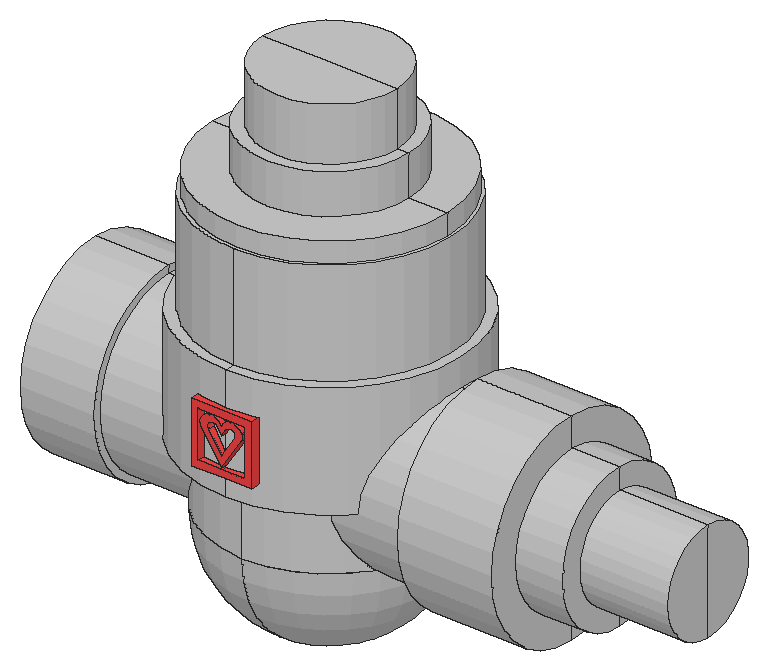
Revit family "RL-1-E Return Valve Straight Model 3723", category Rohrzubehör, Revit 2018
Family settings
  Bemaßung runder Anschluss = Durchmesser verwenden
  Teiletyp = Unterbricht
  OmniClass-Nummer = 23.65.55.14
  OmniClass-Titel = Valves for Liquid Services
  Arbeitsebenenbasiert = Nein
  Immer vertikal = Nein
  Beim Laden mit Abzugskörper schneiden = Nein
  Gemeinsam genutzt = Nein
Parameters
  URL = "www.herzvalves.com"
  SCRNSEQ = "ARM;ARM_TYP=\"ALLF\";2"
  SCRNCODE = "05;01;02"  # constant formula
  S04 = 45.000 mm  # constant formula
  S03 = 61.000 mm  # constant formula
  S02 [instance] = L05 + L06 + L07  # 56.300 mm
  S01 = 10.000 mm  # constant formula
  R06 = 10.000 mm  # constant formula
  R05 = 11.750 mm  # constant formula
  R04 = 17.500 mm  # constant formula
  R03 = 16.500 mm  # constant formula
  R02 = 19.500 mm  # constant formula
  R01 = 18.000 mm  # constant formula
  Part number [instance] = size_lookup("3723_1E_", "Artnr", 0, Nennweite)  # 1372301
  Nennweite [instance] = 15.000 mm
  Model = "Standard models with nickel-plated threaded sockets."
  Medium = "Hot water purity according to ÖNORM H 5195 and/or VDI guideline 2035"
  Max. operating temperature = 110 °C  # constant formula
  Max. operating pressure = 1000000.0 Pa  # constant formula
  LO1 = 3.000 mm  # constant formula
  LO2 = 19.500 mm  # constant formula
  L07 [instance] = size_lookup("3723_1E_", "L7", 1.000 mm, Nennweite)  # 20.300 mm
  L06 [instance] = size_lookup("3723_1E_", "L6", 1.000 mm, Nennweite)  # 14.000 mm
  L05 [instance] = L02 - L04  # 22.000 mm
  L04 [instance] = size_lookup("3723_1E_", "L4", 1.000 mm, Nennweite)  # 11.000 mm
  L03 [instance] = size_lookup("3723_1E_", "L3", 1.000 mm, Nennweite)  # 11.000 mm
  L02 [instance] = size_lookup("3723_1E_", "L2", 1.000 mm, Nennweite)  # 33.000 mm
  L01 [instance] = size_lookup("3723_1E_", "L1", 1.000 mm, Nennweite)  # 35.000 mm
  Hersteller = "HERZ Armaturen Ges.m.b.H."  # constant formula
  H6 = 8.000 mm  # constant formula
  H07 = 14.000 mm  # constant formula
  H05 = 17.000 mm  # constant formula
  H04 [instance] = H02 - H03  # 17.000 mm
  H03 = 15.500 mm  # constant formula
  H02 [instance] = 32.500 mm  # constant formula
  H01 [instance] = 26.000 mm  # constant formula
  GTI [instance] = size_lookup("3723_1E_", "GT1", 1.000 mm, Nennweite)  # 13.200 mm
  GT [instance] = size_lookup("3723_1E_", "GT", 1.000 mm, Nennweite)  # 12.000 mm
  G2 [instance] = Nennweite / 2  # 7.500 mm
  G1 [instance] = Nennweite / 2  # 7.500 mm
  D05 [instance] = size_lookup("3723_1E_", "D5", 1.000 mm, Nennweite)  # 10.650 mm
  D04 [instance] = size_lookup("3723_1E_", "D4", 1.000 mm, Nennweite)  # 15.000 mm
  D03 [instance] = size_lookup("3723_1E_", "D3", 1.000 mm, Nennweite)  # 9.525 mm
  D02 [instance] = size_lookup("3723_1E_", "D2", 1.000 mm, Nennweite)  # 13.000 mm
  D01 [instance] = size_lookup("3723_1E_", "D1", 1.000 mm, Nennweite)  # 14.000 mm
  Body = "nickel-plated"  # constant formula
  Application = "Water Heating Systems\r\nInstallation of the return valve permits shutting off the return connection of the radiator.\r\nWhen the intake valve is shut at the same time, the radiator can be removed while the system is under pressure."
Reference planes
  plane 1 "Mitte (Vorne/hinten)": y = 0
  plane 2: z = 0
  plane 3 "Mitte (Links/rechts)": x = 0
Forms (mm)
  Revolve 1, solid, material "Messing, weicher Gelbton, geschweißt", detail levels fine
    sketch origin (0, 0, 0) x (1, 0, 0) y (0, 0, 1)
      loop
        line (-23, 0) -> (33, 0) -> (33, 9.525) -> (22, 9.525) -> (22, 13) -> (-24, 13) -> (-24, 14) -> (-35, 14) -> (-35, 7.5) -> (-23, 7.5) -> (-23, 0)
      axis (-35, 0) -> (33, 0)
    angle from 0 to 360
  Revolve 2, solid, material "Messing, weicher Gelbton, geschweißt", detail levels fine
    sketch origin (0, 0, 0) x (0, 1, 0) y (0, 0, 1)
      loop
        line (0, 32.5) -> (-18, 32.5) -> (-18, 17) -> (-19.5, 17) -> (-19.5, 0) -> (-16.5, 0) -> (-16.5, -9.5)
        arc (-16.5, -9.5) -> (-11.667, -21.167) -> (0, -26) r 16.5
        line (0, -26) -> (0, 32.5)
      axis (0, -26) -> (0, 32.5)
    angle from 0 to 360
  Revolve 3, solid, material "Messing, weicher Gelbton, geschweißt", detail levels fine
    sketch origin (0, 0, 0) x (1, 0, 0) y (0, 0, 1)
      loop
        line (33, 0) -> (56.3, 0) -> (56.3, 7.5) -> (43.1, 7.5) -> (43.1, 10.65) -> (36, 10.65) -> (36, 15) -> (22, 15) -> (22, 9.525) -> (33, 9.525) -> (33, 0)
      axis (22, 0) -> (56.3, 0)
    angle from 0 to 360
  Revolve 4, solid, material "Messing, weicher Gelbton, geschweißt", detail levels medium+fine
    sketch origin (0, 0, 0) x (1, 0, 0) y (0, 0, 1)
      loop
        line (0, 32.5) -> (0, 49.5) -> (-10, 49.5) -> (-10, 41.5) -> (-11.75, 41.5) -> (-11.75, 35.5) -> (-17.5, 35.5) -> (-17.5, 32.5) -> (0, 32.5)
      axis (0, 49.5) -> (0, 32.5)
    angle from 0 to 360
Lines and regions (mm)
  model lines, detail levels coarse+medium
    curve 1: line (-35, 0, 14) -> (-35, 0, -14)
    curve 2: line (-35, 0, -14) -> (35, 0, 14)
    curve 3: line (35, 0, 14) -> (35, 0, -14)
    curve 4: line (35, 0, -14) -> (-35, 0, 14)
    curve 5: line (35, 0, 14) -> (45, 0, 14)
    curve 6: line (45, 0, 14) -> (35, 0, 0)
    curve 7: line (35, 0, -14) -> (45, 0, -14)
    curve 8: line (45, 0, -14) -> (35, 0, 0)
    curve 9: line (35, 0, 0) -> (56.3, 0, 0)
    curve 10: line (-35, 14, 0) -> (-35, -14, 0)
    curve 11: line (-35, -14, 0) -> (35, 14, 0)
    curve 12: line (35, 14, 0) -> (35, -14, 0)
    curve 13: line (35, -14, 0) -> (-35, 14, 0)
    curve 14: line (35, 14, 0) -> (45, 14, 0)
    curve 15: line (45, 14, 0) -> (35, 0, 0)
    curve 16: line (35, -14, 0) -> (45, -14, 0)
    curve 17: line (45, -14, 0) -> (35, 0, 0)
Dimensions and locks
  "L01": Revolve 1 sketch curve to plane 3 "Mitte (Links/rechts)"
  "L02": Revolve 1 sketch curve to plane 3 "Mitte (Links/rechts)"
  "G1": Revolve 1 sketch curve to plane 2
  "GT": Revolve 1 sketch curve to Revolve 1 sketch curve
  "D01": Revolve 1 sketch curve to Revolve 1 sketch curve
  "D02": Revolve 1 sketch curve to Revolve 1 sketch curve
  "D03": Revolve 1 sketch curve to Revolve 1 sketch curve
  "L03": Revolve 1 sketch curve to Revolve 1 sketch curve
  "L04": Revolve 1 sketch curve to Revolve 1 sketch curve
  "H02": Revolve 2 sketch curve to plane 2
  "D03": Revolve 3 sketch curve to plane 2
  "L04": Revolve 3 sketch curve to Revolve 3 sketch curve
  "L05": Revolve 3 sketch curve to plane 3 "Mitte (Links/rechts)"
  "L06": Revolve 3 sketch curve to Revolve 3 sketch curve
  "L07": Revolve 3 sketch curve to Revolve 3 sketch curve
  "D04": Revolve 3 sketch curve to Revolve 3 sketch curve
  "G2": Revolve 3 sketch curve to Revolve 3 sketch curve
  "D05": Revolve 3 sketch curve to Revolve 3 sketch curve
  "GTI": Revolve 3 sketch curve to Revolve 3 sketch curve
  "LO1": nested 1 to plane 2
  "D01": curve 4 to plane 2 to curve 2
  "D01": curve 3 to plane 2 to curve 4
  "L01": curve 1 to plane 3 "Mitte (Links/rechts)" to curve 3
  "S01": curve 3 to curve 6
  "S02": curve 9 to plane 3 "Mitte (Links/rechts)"
  "L01": curve 10 to plane 3 "Mitte (Links/rechts)" to curve 12
  "D01": curve 11 to plane 1 "Mitte (Vorne/hinten)" to curve 13
  "D01": curve 13 to plane 1 "Mitte (Vorne/hinten)" to curve 12
  "S01": curve 12 to curve 15
  "S01": curve 12 to curve 17
  "H03": Revolve 2 sketch curve to Revolve 2 sketch curve
  "R02": Revolve 2 sketch curve to Revolve 2 sketch curve
  "R01": Revolve 2 sketch curve to Revolve 2 sketch curve
  "H04": Revolve 2 sketch curve to Revolve 2 sketch curve
  "H01": plane 2 to Revolve 2 sketch curve
  "LO2": nested 1 to plane 1 "Mitte (Vorne/hinten)"
  "H05": Revolve 4 sketch curve to Revolve 2
  "H02": Revolve 4 sketch curve to plane 2
  "H6": Revolve 4 sketch curve to Revolve 4 sketch curve
  "H07": Revolve 4 sketch curve to Revolve 4 sketch curve
  "R06": Revolve 4 sketch curve to Revolve 4 sketch curve
  "R05": Revolve 4 sketch curve to Revolve 4 sketch curve
  "R04": Revolve 4 sketch curve to Revolve 4 sketch curve
  "R03": radius of Revolve 2 sketch curve
  aligned and locked: level to plane 2
Automatic sketch dimensions
  curve 9 to level = 0.000 mm
  curve 3 to curve 8 = 10.000 mm
  plane 1 "Mitte (Vorne/hinten)" to curve 17 = 0.000 mm
  Revolve 1 sketch curve to level = 0.000 mm  (x2)
  Revolve 1 sketch curve to Revolve 1 sketch curve = 1436.530 mm
  Revolve 1 sketch curve to Revolve 1 sketch curve = 1779.148 mm
  Revolve 2 sketch curve to plane 1 "Mitte (Vorne/hinten)" = 0.000 mm  (x2)
  Revolve 2 sketch curve to Revolve 2 sketch curve = 0.000 mm
  Revolve 2 sketch curve to Revolve 2 sketch curve = 1236.335 mm
  Revolve 3 sketch curve to level = 0.000 mm  (x2)
  Revolve 3 sketch curve to plane 3 "Mitte (Links/rechts)" = 1506.530 mm
  Revolve 3 sketch curve to Revolve 3 sketch curve = 1789.648 mm
  Revolve 4 sketch curve to plane 3 "Mitte (Links/rechts)" = 0.000 mm  (x2)
  Revolve 4 sketch curve to level = 366.045 mm
  Revolve 4 sketch curve to Revolve 4 sketch curve = 2164.815 mm
Nested families
  nested 1: "Herz-Logo-vorne" at (0, -19.5, 7.5) x (0, 1, 0) z (0, 0, 1), type "Herz-Logo-vorne", detail levels fine
Connectors
  piping at (-23, 0, 0), diameter 15, driven by "Nennweite"
    settings: on Revolve 1, index 1, connector inside diameter 609.6 mm, connector length 0.000 mm, flow factor 0, pipe flow 0.0 L/s, pressure drop 0.0 Pa, fitting loss kfactor 0, connector angle 0.00°, fixture units 0, engagement length 0.000 mm, angle of deflection 0.00°, flow configuration 0, flow direction 1, fitting loss method 0, system type 8, joint type 0, gender type 0, connector reference index -1, connector utility 0, adjustable connector no, is connector primary yes, connector description ""
  piping at (56.3, 0, 0), diameter 15, driven by "Nennweite"
    settings: on Revolve 3, index 2, connector inside diameter 609.6 mm, connector length 0.000 mm, flow factor 0, pipe flow 0.0 L/s, pressure drop 0.0 Pa, fitting loss kfactor 0, connector angle 0.00°, fixture units 0, engagement length 0.000 mm, angle of deflection 0.00°, flow configuration 0, flow direction 2, fitting loss method 0, system type 8, joint type 0, gender type 0, connector reference index -1, connector utility 0, adjustable connector no, is connector primary no, connector description ""
Definition of nested family "Herz-Logo-vorne"
  Reference planes
    plane 1 "Mitte (Vorne/hinten)": y = 0
    plane 2: z = 0
    plane 3 "Mitte (Links/rechts)": x = 0
  Forms (mm)
    Extrusion 1, solid
      sketch origin (0.732, -0.018, 0.017) x (0, -1, 0) y (0, 0, 1)
        loop
          line (-0.018, -4.517) -> (4.482, -4.517) -> (4.482, 4.483) -> (-4.518, 4.483) -> (-4.518, -4.517) -> (-0.018, -4.517)
        loop
          line (-0.05, -3.48) -> (3.482, -3.48) -> (3.482, 3.483) -> (-3.518, 3.483) -> (-3.518, -3.48) -> (-0.05, -3.48)
        loop
          arc (-0.018, 2.383) -> (-1.543, 3.287) -> (-3.067, 2.383) r 1.738
          arc (-3.067, 2.383) -> (-3.191, 1.899) -> (-3.067, 1.415) r 1.009
          line (-3.067, 1.415) -> (-0.018, -3.281) -> (3.032, 1.415)
          arc (3.032, 1.415) -> (3.156, 1.899) -> (3.032, 2.383) r 1.009
          arc (3.032, 2.383) -> (1.507, 3.287) -> (-0.018, 2.383) r 1.738
        loop
          arc (1.885, 1.272) -> (2.005, 1.675) -> (1.885, 2.079) r 0.74
          arc (1.885, 2.079) -> (1.265, 2.416) -> (0.644, 2.079) r 0.74
          line (0.644, 2.079) -> (-0.018, 0.97) -> (-0.679, 2.079)
          arc (-0.679, 2.079) -> (-1.3, 2.416) -> (-1.921, 2.079) r 0.74
          arc (-1.921, 2.079) -> (-2.04, 1.675) -> (-1.921, 1.272) r 0.74
          line (-1.921, 1.272) -> (-0.018, -1.658) -> (1.885, 1.272)
      from 0 to 1.5
  Dimensions and locks
    aligned and locked: level to plane 2
